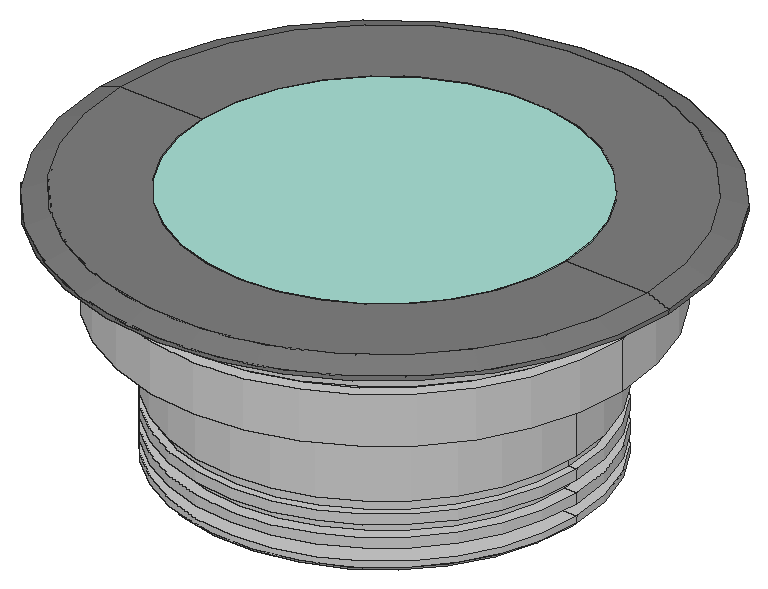
Revit family "Bright 5.F", category Lighting Fixtures, host Face, Revit 2017 (continued)
Types (16, lengths in mm): name | Wattage | Power | Photometric Web File | Optics | built-in parameter 1150142 | built-in parameter 1150105 | Lumens | built-in parameter 1150106 | Apparent Load Phase 1
    3 171.26 153.21 137.79 124.90 114.37 \r\n104.73 96.10 87.89 81.09 74.59 68.74 63.29 58.48 53.99 \r\n50.13 46.33 43.14 40.29 37.56 35.17 33.04 31.08 29.20 \r\n27.40 25.83 24.31 22.88 21.57 20.33 19.18 18.06 17.02 \r\n16.03 15.08 14.19 13.34 12.50 11.74 11.02 10.32 9.64 8.99 \r\n8.39 7.78 7.22 6.70 6.18 5.71 5.25 4.82 4.40 4.00 3.60 \r\n3.26 2.89 2.57 2.26 1.97 1.70 1.44 1.20 0.98 0.78 0.61 \r\n0.46 0.33 0.24 0.16 0.10 0.07 0.05 0.02 0.00 0.00 0.00 \r\n0.00 0.00 0.00 0.00 0.00 0.00 0.00 0.00 0.00 0.00 0.00 \r\n0.00 0.00 0.00 0.00 0.00 0.00 0.00 0.00 0.00 0.00 0.00 \r\n0.00 0.00 0.00 0.00 0.00 0.00 0.00 0.00 0.00 0.00 0.00 \r\n0.00 0.00 0.00 0.00 0.00 0.00 0.00 0.00 0.00 0.00 0.00 \r\n0.00 0.00 0.00 0.00 0.00 0.00 0.00 0.00 0.00 0.00 0.00 \r\n0.00 0.00 0.00 0.00 0.00 0.00 0.00 0.00 0.00 0.00 0.00 \r\n0.00 0.00 0.00 0.00 0.00 0.00 0.00 0.00 0.00 0.00 0.00 \r\n0.00 0.00 0.00 0.00 0.00 0.00 0.00 0.00 0.00 0.00 0.00 \r\n2995.00 2935.92 2791.34 2567.29 2288.69 1983.63 1671.96 \r\n1374.81 1099.30 863.28 673.89 526.89 412.86 332.23 269.80 \r\n227.58 195.17 169.96 151.37 135.15 122.50 111.12 101.27 \r\n92.43 84.56 77.05 70.34 64.46 59.14 54.44 49.97 46.36 \r\n42.87 39.93 37.07 34.66 32.42 30.41 28.51 26.83 25.25 \r\n23.77 22.33 21.07 19.87 18.70 17.64 16.62 15.70 14.74 \r\n13.89 13.06 12.30 11.50 10.80 10.15 9.52 8.91 8.32 7.78 \r\n7.23 6.76 6.27 5.82 5.38 4.98 4.56 4.21 3.84 3.49 3.15 \r\n2.85 2.55 2.27 2.00 1.76 1.52 1.29 1.08 0.88 0.71 0.55 \r\n0.42 0.31 0.21 0.14 0.10 0.06 0.05 0.02 0.00 0.00 0.00 \r\n0.00 0.00 0.00 0.00 0.00 0.00 0.00 0.00 0.00 0.00 0.00 \r\n0.00 0.00 0.00 0.00 0.00 0.00 0.00 0.00 0.00 0.00 0.00 \r\n0.00 0.00 0.00 0.00 0.00 0.00 0.00 0.00 0.00 0.00 0.00 \r\n0.00 0.00 0.00 0.00 0.00 0.00 0.00 0.00 0.00 0.00 0.00 \r\n0.00 0.00 0.00 0.00 0.00 0.00 0.00 0.00 0.00 0.00 0.00 \r\n0.00 0.00 0.00 0.00 0.00 0.00 0.00 0.00 0.00 0.00 0.00 \r\n0.00 0.00 0.00 0.00 0.00 0.00 0.00 0.00 0.00 0.00 0.00 \r\n0.00 0.00 0.00 0.00 0.00 0.00 0.00 0.00 0.00 0.00 0.00 \r\n2995.00 2928.48 2768.88 2528.14 2229.97 1923.02 1583.02 \r\n1284.12 1004.94 786.24 595.50 464.99 359.81 291.25 239.88 \r\n203.22 175.50 154.24 137.59 123.28 111.27 100.75 91.97 \r\n82.96 75.87 68.90 62.63 57.23 52.14 47.90 44.27 40.88 \r\n37.98 35.28 32.89 30.84 28.84 27.04 25.31 23.80 22.33 \r\n21.05 19.74 18.65 17.54 16.48 15.53 14.59 13.71 12.88 \r\n12.12 11.34 10.62 9.94 9.33 8.71 8.18 7.65 7.15 6.67 6.20 \r\n5.78 5.37 4.99 4.62 4.28 3.93 3.63 3.32 3.02 2.74 2.47 \r\n2.21 1.97 1.73 1.52 1.31 1.11 0.93 0.76 0.61 0.48 0.36 \r\n0.27 0.19 0.13 0.09 0.06 0.04 0.02 0.00 0.00 0.00 0.00 \r\n0.00 0.00 0.00 0.00 0.00 0.00 0.00 0.00 0.00 0.00 0.00 \r\n0.00 0.00 0.00 0.00 0.00 0.00 0.00 0.00 0.00 0.00 0.00 \r\n0.00 0.00 0.00 0.00 0.00 0.00 0.00 0.00 0.00 0.00 0.00 \r\n0.00 0.00 0.00 0.00 0.00 0.00 0.00 0.00 0.00 0.00 0.00 \r\n0.00 0.00 0.00 0.00 0.00 0.00 0.00 0.00 0.00 0.00 0.00 \r\n0.00 0.00 0.00 0.00 0.00 0.00 0.00 0.00 0.00 0.00 0.00 \r\n0.00 0.00 0.00 0.00 0.00 0.00 0.00 0.00 0.00 0.00 0.00 \r\n0.00 0.00 0.00 0.00 0.00 0.00 0.00 0.00 0.00 0.00 \r\n2995.00 2923.90 2755.66 2501.70 2189.56 1842.18 1516.14 \r\n1197.38 929.49 705.41 542.77 414.54 325.12 260.39 218.15 \r\n184.53 161.10 141.94 126.86 114.05 102.84 92.80 84.02 \r\n76.00 68.76 62.18 56.51 51.63 47.04 43.28 40.00 37.04 \r\n34.35 31.99 29.88 27.93 26.06 24.47 22.91 21.50 20.24 \r\n18.95 17.83 16.75 15.73 14.77 13.90 13.02 12.21 11.44 \r\n10.72 10.03 9.38 8.79 8.21 7.69 7.18 6.69 6.27 5.85 5.45 \r\n5.08 4.72 4.39 4.06 3.77 3.47 3.17 2.91 2.65 2.40 2.15 \r\n1.93 1.70 1.50 1.30 1.13 0.96 0.80 0.65 0.53 0.41 0.32 \r\n0.24 0.17 0.12 0.08 0.06 0.04 0.02 0.00 0.00 0.00 0.00 \r\n0.00 0.00 0.00 0.00 0.00 0.00 0.00 0.00 0.00 0.00 0.00 \r\n0.00 0.00 0.00 0.00 0.00 0.00 0.00 0.00 0.00 0.00 0.00 \r\n0.00 0.00 0.00 0.00 0.00 0.00 0.00 0.00 0.00 0.00 0.00 \r\n0.00 0.00 0.00 0.00 0.00 0.00 0.00 0.00 0.00 0.00 0.00 \r\n0.00 0.00 0.00 0.00 0.00 0.00 0.00 0.00 0.00 0.00 0.00 \r\n0.00 0.00 0.00 0.00 0.00 0.00 0.00 0.00 0.00 0.00 0.00 \r\n0.00 0.00 0.00 0.00 0.00 0.00 0.00 0.00 0.00 0.00 0.00 \r\n0.00 0.00 0.00 0.00 0.00 0.00 0.00 0.00 0.00 0.00 \r\n2995.00 2921.19 2736.00 2481.51 2135.49 1813.71 1454.81 \r\n1144.20 878.97 663.56 498.49 387.84 296.85 241.56 202.04 \r\n172.63 151.67 133.66 119.96 107.46 96.39 86.61 78.41 \r\n70.42 63.86 57.50 52.26 47.76 43.51 40.00 37.08 34.23 \r\n31.76 29.62 27.56 25.91 24.10 22.69 21.24 19.94 18.75 \r\n17.59 16.50 15.51 14.52 13.63 12.82 11.95 11.25 10.51 \r\n9.86 9.20 8.60 8.03 7.52 6.99 6.56 6.13 5.72 5.35 4.98 \r\n4.63 4.32 4.01 3.70 3.42 3.13 2.88 2.61 2.37 2.13 1.91 \r\n1.70 1.50 1.32 1.15 0.99 0.84 0.71 0.58 0.47 0.37 0.29 \r\n0.22 0.16 0.11 0.08 0.06 0.04 0.02 0.00 0.00 0.00 0.00 \r\n0.00 0.00 0.00 0.00 0.00 0.00 0.00 0.00 0.00 0.00 0.00 \r\n0.00 0.00 0.00 0.00 0.00 0.00 0.00 0.00 0.00 0.00 0.00 \r\n0.00 0.00 0.00 0.00 0.00 0.00 0.00 0.00 0.00 0.00 0.00 \r\n0.00 0.00 0.00 0.00 0.00 0.00 0.00 0.00 0.00 0.00 0.00 \r\n0.00 0.00 0.00 0.00 0.00 0.00 0.00 0.00 0.00 0.00 0.00 \r\n0.00 0.00 0.00 0.00 0.00 0.00 0.00 0.00 0.00 0.00 0.00 \r\n0.00 0.00 0.00 0.00 0.00 0.00 0.00 0.00 0.00 0.00 0.00 \r\n0.00 0.00 0.00 0.00 0.00 0.00 0.00 0.00 0.00 0.00 \r\n2995.00 2920.61 2731.87 2451.42 2111.69 1761.51 1411.02 \r\n1102.40 828.62 624.25 469.10 359.21 279.38 227.21 190.86 \r\n164.47 144.00 127.05 114.03 102.14 91.48 82.15 74.24 \r\n66.49 60.04 54.00 49.06 44.76 40.92 37.69 34.87 32.30 \r\n29.96 27.90 25.99 24.32 22.67 21.29 19.92 18.70 17.54 \r\n16.50 15.46 14.52 13.63 12.76 11.97 11.21 10.53 9.86 9.22 \r\n8.62 8.07 7.51 7.03 6.56 6.16 5.76 5.39 5.03 4.68 4.35 \r\n4.04 3.74 3.45 3.17 2.89 2.64 2.39 2.16 1.93 1.73 1.54 \r\n1.36 1.20 1.05 0.91 0.78 0.66 0.55 0.44 0.35 0.28 0.21 \r\n0.16 0.11 0.08 0.06 0.04 0.02 0.00 0.00 0.00 0.00 0.00 \r\n0.00 0.00 0.00 0.00 0.00 0.00 0.00 0.00 0.00 0.00 0.00 \r\n0.00 0.00 0.00 0.00 0.00 0.00 0.00 0.00 0.00 0.00 0.00 \r\n0.00 0.00 0.00 0.00 0.00 0.00 0.00 0.00 0.00 0.00 0.00 \r\n0.00 0.00 0.00 0.00 0.00 0.00 0.00 0.00 0.00 0.00 0.00 \r\n0.00 0.00 0.00 0.00 0.00 0.00 0.00 0.00 0.00 0.00 0.00 \r\n0.00 0.00 0.00 0.00 0.00 0.00 0.00 0.00 0.00 0.00 0.00 \r\n0.00 0.00 0.00 0.00 0.00 0.00 0.00 0.00 0.00 0.00 0.00 \r\n0.00 0.00 0.00 0.00 0.00 0.00 0.00 0.00 0.00 \r\n2995.00 2919.31 2725.75 2446.35 2087.33 1732.61 1370.46 \r\n1061.93 809.69 603.87 449.23 344.73 266.86 218.91 185.12 \r\n158.89 139.58 123.32 110.09 98.80 88.39 79.10 71.28 63.90 \r\n57.62 51.59 47.12 43.00 39.38 36.16 33.42 31.00 28.76 \r\n26.70 24.91 23.28 21.76 20.39 19.11 17.92 16.80 15.77 \r\n14.79 13.87 13.00 12.18 11.41 10.72 10.04 9.40 8.76 8.21 \r\n7.70 7.17 6.71 6.29 5.89 5.51 5.16 4.80 4.48 4.14 3.84 \r\n3.55 3.25 2.98 2.72 2.47 2.23 2.01 1.80 1.62 1.44 1.29 \r\n1.13 1.00 0.87 0.74 0.63 0.53 0.43 0.35 0.28 0.21 0.16 \r\n0.11 0.08 0.06 0.04 0.02 0.00 0.00 0.00 0.00 0.00 0.00 \r\n0.00 0.00 0.00 0.00 0.00 0.00 0.00 0.00 0.00 0.00 0.00 \r\n0.00 0.00 0.00 0.00 0.00 0.00 0.00 0.00 0.00 0.00 0.00 \r\n0.00 0.00 0.00 0.00 0.00 0.00 0.00 0.00 0.00 0.00 0.00 \r\n0.00 0.00 0.00 0.00 0.00 0.00 0.00 0.00 0.00 0.00 0.00 \r\n0.00 0.00 0.00 0.00 0.00 0.00 0.00 0.00 0.00 0.00 0.00 \r\n0.00 0.00 0.00 0.00 0.00 0.00 0.00 0.00 0.00 0.00 0.00 \r\n0.00 0.00 0.00 0.00 0.00 0.00 0.00 0.00 0.00 0.00 0.00 \r\n0.00 0.00 0.00 0.00 0.00 0.00 0.00 0.00 \r\n2995.00 2918.79 2719.05 2435.06 2070.98 1710.56 1347.28 \r\n1049.87 779.27 581.26 434.64 333.91 259.28 212.82 180.78 \r\n155.15 136.05 120.79 107.56 96.10 86.63 77.24 69.37 62.09 \r\n55.75 50.26 45.72 41.68 38.27 35.15 32.49 30.10 27.91 \r\n26.01 24.15 22.60 21.08 19.76 18.50 17.38 16.30 15.26 \r\n14.29 13.41 12.55 11.77 11.07 10.38 9.73 9.08 8.48 7.92 \r\n7.42 6.91 6.49 6.07 5.68 5.32 4.97 4.63 4.32 3.99 3.69 \r\n3.39 3.10 2.85 2.58 2.34 2.11 1.91 1.72 1.55 1.39 1.24 \r\n1.10 0.97 0.85 0.73 0.62 0.53 0.44 0.35 0.28 0.21 0.16 \r\n0.12 0.08 0.06 0.04 0.02 0.00 0.00 0.00 0.00 0.00 0.00 \r\n0.00 0.00 0.00 0.00 0.00 0.00 0.00 0.00 0.00 0.00 0.00 \r\n0.00 0.00 0.00 0.00 0.00 0.00 0.00 0.00 0.00 0.00 0.00 \r\n0.00 0.00 0.00 0.00 0.00 0.00 0.00 0.00 0.00 0.00 0.00 \r\n0.00 0.00 0.00 0.00 0.00 0.00 0.00 0.00 0.00 0.00 0.00 \r\n0.00 0.00 0.00 0.00 0.00 0.00 0.00 0.00 0.00 0.00 0.00 \r\n0.00 0.00 0.00 0.00 0.00 0.00 0.00 0.00 0.00 0.00 0.00 \r\n0.00 0.00 0.00 0.00 0.00 0.00 0.00 0.00 0.00 0.00 0.00 \r\n0.00 0.00 0.00 0.00 0.00 0.00 0.00 0.00 \r\n2995.00 2875.46 2647.96 2336.32 1966.54 1588.84 1258.45 \r\n947.90 702.60 528.51 390.87 307.12 245.25 198.65 171.26 \r\n148.25 131.37 116.58 103.62 92.83 83.18 74.01 66.73 59.56 \r\n53.77 48.68 44.13 40.23 36.98 34.12 31.62 29.31 27.19 \r\n25.37 23.54 22.06 20.61 19.28 18.03 16.94 15.81 14.87 \r\n13.93 13.05 12.21 11.46 10.80 10.06 9.46 8.84 8.24 7.72 \r\n7.22 6.73 6.32 5.88 5.53 5.16 4.83 4.49 4.17 3.84 3.55 \r\n3.26 2.97 2.71 2.45 2.22 2.01 1.82 1.64 1.48 1.32 1.18 \r\n1.04 0.91 0.79 0.69 0.59 0.49 0.40 0.33 0.25 0.19 0.14 \r\n0.10 0.07 0.05 0.03 0.01 0.00 0.00 0.00 0.00 0.00 0.00 \r\n0.00 0.00 0.00 0.00 0.00 0.00 0.00 0.00 0.00 0.00 0.00 \r\n0.00 0.00 0.00 0.00 0.00 0.00 0.00 0.00 0.00 0.00 0.00 \r\n0.00 0.00 0.00 0.00 0.00 0.00 0.00 0.00 0.00 0.00 0.00 \r\n0.00 0.00 0.00 0.00 0.00 0.00 0.00 0.00 0.00 0.00 0.00 \r\n0.00 0.00 0.00 0.00 0.00 0.00 0.00 0.00 0.00 0.00 0.00 \r\n0.00 0.00 0.00 0.00 0.00 0.00 0.00 0.00 0.00 0.00 0.00 \r\n0.00 0.00 0.00 0.00 0.00 0.00 0.00 0.00 0.00 0.00 0.00 \r\n0.00 0.00 0.00 0.00 0.00 0.00 0.00 0.00 \r\n2995.00 2918.79 2719.05 2435.06 2070.98 1710.56 1347.28 \r\n1049.87 779.27 581.26 434.64 333.91 259.28 212.82 180.78 \r\n155.15 136.05 120.79 107.56 96.10 86.63 77.24 69.37 62.09 \r\n55.75 50.26 45.72 41.68 38.27 35.15 32.49 30.10 27.91 \r\n26.01 24.15 22.60 21.08 19.76 18.50 17.38 16.30 15.26 \r\n14.29 13.41 12.55 11.77 11.07 10.38 9.73 9.08 8.48 7.92 \r\n7.42 6.91 6.49 6.07 5.68 5.32 4.97 4.63 4.32 3.99 3.69 \r\n3.39 3.10 2.85 2.58 2.34 2.11 1.91 1.72 1.55 1.39 1.24 \r\n1.10 0.97 0.85 0.73 0.62 0.53 0.44 0.35 0.28 0.21 0.16 \r\n0.12 0.08 0.06 0.04 0.02 0.00 0.00 0.00 0.00 0.00 0.00 \r\n0.00 0.00 0.00 0.00 0.00 0.00 0.00 0.00 0.00 0.00 0.00 \r\n0.00 0.00 0.00 0.00 0.00 0.00 0.00 0.00 0.00 0.00 0.00 \r\n0.00 0.00 0.00 0.00 0.00 0.00 0.00 0.00 0.00 0.00 0.00 \r\n0.00 0.00 0.00 0.00 0.00 0.00 0.00 0.00 0.00 0.00 0.00 \r\n0.00 0.00 0.00 0.00 0.00 0.00 0.00 0.00 0.00 0.00 0.00 \r\n0.00 0.00 0.00 0.00 0.00 0.00 0.00 0.00 0.00 0.00 0.00 \r\n0.00 0.00 0.00 0.00 0.00 0.00 0.00 0.00 0.00 0.00 0.00 \r\n0.00 0.00 0.00 0.00 0.00 0.00 0.00 0.00 \r\n2995.00 2919.31 2725.75 2446.35 2087.33 1732.61 1370.46 \r\n1061.93 809.69 603.87 449.23 344.73 266.86 218.91 185.12 \r\n158.89 139.58 123.32 110.09 98.80 88.39 79.10 71.28 63.90 \r\n57.62 51.59 47.12 43.00 39.38 36.16 33.42 31.00 28.76 \r\n26.70 24.91 23.28 21.76 20.39 19.11 17.92 16.80 15.77 \r\n14.79 13.87 13.00 12.18 11.41 10.72 10.04 9.40 8.76 8.21 \r\n7.70 7.17 6.71 6.29 5.89 5.51 5.16 4.80 4.48 4.14 3.84 \r\n3.55 3.25 2.98 2.72 2.47 2.23 2.01 1.80 1.62 1.44 1.29 \r\n1.13 1.00 0.87 0.74 0.63 0.53 0.43 0.35 0.28 0.21 0.16 \r\n0.11 0.08 0.06 0.04 0.02 0.00 0.00 0.00 0.00 0.00 0.00 \r\n0.00 0.00 0.00 0.00 0.00 0.00 0.00 0.00 0.00 0.00 0.00 \r\n0.00 0.00 0.00 0.00 0.00 0.00 0.00 0.00 0.00 0.00 0.00 \r\n0.00 0.00 0.00 0.00 0.00 0.00 0.00 0.00 0.00 0.00 0.00 \r\n0.00 0.00 0.00 0.00 0.00 0.00 0.00 0.00 0.00 0.00 0.00 \r\n0.00 0.00 0.00 0.00 0.00 0.00 0.00 0.00 0.00 0.00 0.00 \r\n0.00 0.00 0.00 0.00 0.00 0.00 0.00 0.00 0.00 0.00 0.00 \r\n0.00 0.00 0.00 0.00 0.00 0.00 0.00 0.00 0.00 0.00 0.00 \r\n0.00 0.00 0.00 0.00 0.00 0.00 0.00 0.00 \r\n2995.00 2920.61 2731.87 2451.42 2111.69 1761.51 1411.02 \r\n1102.40 828.62 624.25 469.10 359.21 279.38 227.21 190.86 \r\n164.47 144.00 127.05 114.03 102.14 91.48 82.15 74.24 \r\n66.49 60.04 54.00 49.06 44.76 40.92 37.69 34.87 32.30 \r\n29.96 27.90 25.99 24.32 22.67 21.29 19.92 18.70 17.54 \r\n16.50 15.46 14.52 13.63 12.76 11.97 11.21 10.53 9.86 9.22 \r\n8.62 8.07 7.51 7.03 6.56 6.16 5.76 5.39 5.03 4.68 4.35 \r\n4.04 3.74 3.45 3.17 2.89 2.64 2.39 2.16 1.93 1.73 1.54 \r\n1.36 1.20 1.05 0.91 0.78 0.66 0.55 0.44 0.35 0.28 0.21 \r\n0.16 0.11 0.08 0.06 0.04 0.02 0.00 0.00 0.00 0.00 0.00 \r\n0.00 0.00 0.00 0.00 0.00 0.00 0.00 0.00 0.00 0.00 0.00 \r\n0.00 0.00 0.00 0.00 0.00 0.00 0.00 0.00 0.00 0.00 0.00 \r\n0.00 0.00 0.00 0.00 0.00 0.00 0.00 0.00 0.00 0.00 0.00 \r\n0.00 0.00 0.00 0.00 0.00 0.00 0.00 0.00 0.00 0.00 0.00 \r\n0.00 0.00 0.00 0.00 0.00 0.00 0.00 0.00 0.00 0.00 0.00 \r\n0.00 0.00 0.00 0.00 0.00 0.00 0.00 0.00 0.00 0.00 0.00 \r\n0.00 0.00 0.00 0.00 0.00 0.00 0.00 0.00 0.00 0.00 0.00 \r\n0.00 0.00 0.00 0.00 0.00 0.00 0.00 0.00 0.00 \r\n2995.00 2921.19 2736.00 2481.51 2135.49 1813.71 1454.81 \r\n1144.20 878.97 663.56 498.49 387.84 296.85 241.56 202.04 \r\n172.63 151.67 133.66 119.96 107.46 96.39 86.61 78.41 \r\n70.42 63.86 57.50 52.26 47.76 43.51 40.00 37.08 34.23 \r\n31.76 29.62 27.56 25.91 24.10 22.69 21.24 19.94 18.75 \r\n17.59 16.50 15.51 14.52 13.63 12.82 11.95 11.25 10.51 \r\n9.86 9.20 8.60 8.03 7.52 6.99 6.56 6.13 5.72 5.35 4.98 \r\n4.63 4.32 4.01 3.70 3.42 3.13 2.88 2.61 2.37 2.13 1.91 \r\n1.70 1.50 1.32 1.15 0.99 0.84 0.71 0.58 0.47 0.37 0.29 \r\n0.22 0.16 0.11 0.08 0.06 0.04 0.02 0.00 0.00 0.00 0.00 \r\n0.00 0.00 0.00 0.00 0.00 0.00 0.00 0.00 0.00 0.00 0.00 \r\n0.00 0.00 0.00 0.00 0.00 0.00 0.00 0.00 0.00 0.00 0.00 \r\n0.00 0.00 0.00 0.00 0.00 0.00 0.00 0.00 0.00 0.00 0.00 \r\n0.00 0.00 0.00 0.00 0.00 0.00 0.00 0.00 0.00 0.00 0.00 \r\n0.00 0.00 0.00 0.00 0.00 0.00 0.00 0.00 0.00 0.00 0.00 \r\n0.00 0.00 0.00 0.00 0.00 0.00 0.00 0.00 0.00 0.00 0.00 \r\n0.00 0.00 0.00 0.00 0.00 0.00 0.00 0.00 0.00 0.00 0.00 \r\n0.00 0.00 0.00 0.00 0.00 0.00 0.00 0.00 0.00 0.00 \r\n2995.00 2923.90 2755.66 2501.70 2189.56 1842.18 1516.14 \r\n1197.38 929.49 705.41 542.77 414.54 325.12 260.39 218.15 \r\n184.53 161.10 141.94 126.86 114.05 102.84 92.80 84.02 \r\n76.00 68.76 62.18 56.51 51.63 47.04 43.28 40.00 37.04 \r\n34.35 31.99 29.88 27.93 26.06 24.47 22.91 21.50 20.24 \r\n18.95 17.83 16.75 15.73 14.77 13.90 13.02 12.21 11.44 \r\n10.72 10.03 9.38 8.79 8.21 7.69 7.18 6.69 6.27 5.85 5.45 \r\n5.08 4.72 4.39 4.06 3.77 3.47 3.17 2.91 2.65 2.40 2.15 \r\n1.93 1.70 1.50 1.30 1.13 0.96 0.80 0.65 0.53 0.41 0.32 \r\n0.24 0.17 0.12 0.08 0.06 0.04 0.02 0.00 0.00 0.00 0.00 \r\n0.00 0.00 0.00 0.00 0.00 0.00 0.00 0.00 0.00 0.00 0.00 \r\n0.00 0.00 0.00 0.00 0.00 0.00 0.00 0.00 0.00 0.00 0.00 \r\n0.00 0.00 0.00 0.00 0.00 0.00 0.00 0.00 0.00 0.00 0.00 \r\n0.00 0.00 0.00 0.00 0.00 0.00 0.00 0.00 0.00 0.00 0.00 \r\n0.00 0.00 0.00 0.00 0.00 0.00 0.00 0.00 0.00 0.00 0.00 \r\n0.00 0.00 0.00 0.00 0.00 0.00 0.00 0.00 0.00 0.00 0.00 \r\n0.00 0.00 0.00 0.00 0.00 0.00 0.00 0.00 0.00 0.00 0.00 \r\n0.00 0.00 0.00 0.00 0.00 0.00 0.00 0.00 0.00 0.00 \r\n2995.00 2928.48 2768.88 2528.14 2229.97 1923.02 1583.02 \r\n1284.12 1004.94 786.24 595.50 464.99 359.81 291.25 239.88 \r\n203.22 175.50 154.24 137.59 123.28 111.27 100.75 91.97 \r\n82.96 75.87 68.90 62.63 57.23 52.14 47.90 44.27 40.88 \r\n37.98 35.28 32.89 30.84 28.84 27.04 25.31 23.80 22.33 \r\n21.05 19.74 18.65 17.54 16.48 15.53 14.59 13.71 12.88 \r\n12.12 11.34 10.62 9.94 9.33 8.71 8.18 7.65 7.15 6.67 6.20 \r\n5.78 5.37 4.99 4.62 4.28 3.93 3.63 3.32 3.02 2.74 2.47 \r\n2.21 1.97 1.73 1.52 1.31 1.11 0.93 0.76 0.61 0.48 0.36 \r\n0.27 0.19 0.13 0.09 0.06 0.04 0.02 0.00 0.00 0.00 0.00 \r\n0.00 0.00 0.00 0.00 0.00 0.00 0.00 0.00 0.00 0.00 0.00 \r\n0.00 0.00 0.00 0.00 0.00 0.00 0.00 0.00 0.00 0.00 0.00 \r\n0.00 0.00 0.00 0.00 0.00 0.00 0.00 0.00 0.00 0.00 0.00 \r\n0.00 0.00 0.00 0.00 0.00 0.00 0.00 0.00 0.00 0.00 0.00 \r\n0.00 0.00 0.00 0.00 0.00 0.00 0.00 0.00 0.00 0.00 0.00 \r\n0.00 0.00 0.00 0.00 0.00 0.00 0.00 0.00 0.00 0.00 0.00 \r\n0.00 0.00 0.00 0.00 0.00 0.00 0.00 0.00 0.00 0.00 0.00 \r\n0.00 0.00 0.00 0.00 0.00 0.00 0.00 0.00 0.00 0.00 \r\n2995.00 2935.92 2791.34 2567.29 2288.69 1983.63 1671.96 \r\n1374.81 1099.30 863.28 673.89 526.89 412.86 332.23 269.80 \r\n227.58 195.17 169.96 151.37 135.15 122.50 111.12 101.27 \r\n92.43 84.56 77.05 70.34 64.46 59.14 54.44 49.97 46.36 \r\n42.87 39.93 37.07 34.66 32.42 30.41 28.51 26.83 25.25 \r\n23.77 22.33 21.07 19.87 18.70 17.64 16.62 15.70 14.74 \r\n13.89 13.06 12.30 11.50 10.80 10.15 9.52 8.91 8.32 7.78 \r\n7.23 6.76 6.27 5.82 5.38 4.98 4.56 4.21 3.84 3.49 3.15 \r\n2.85 2.55 2.27 2.00 1.76 1.52 1.29 1.08 0.88 0.71 0.55 \r\n0.42 0.31 0.21 0.14 0.10 0.06 0.05 0.02 0.00 0.00 0.00 \r\n0.00 0.00 0.00 0.00 0.00 0.00 0.00 0.00 0.00 0.00 0.00 \r\n0.00 0.00 0.00 0.00 0.00 0.00 0.00 0.00 0.00 0.00 0.00 \r\n0.00 0.00 0.00 0.00 0.00 0.00 0.00 0.00 0.00 0.00 0.00 \r\n0.00 0.00 0.00 0.00 0.00 0.00 0.00 0.00 0.00 0.00 0.00 \r\n0.00 0.00 0.00 0.00 0.00 0
